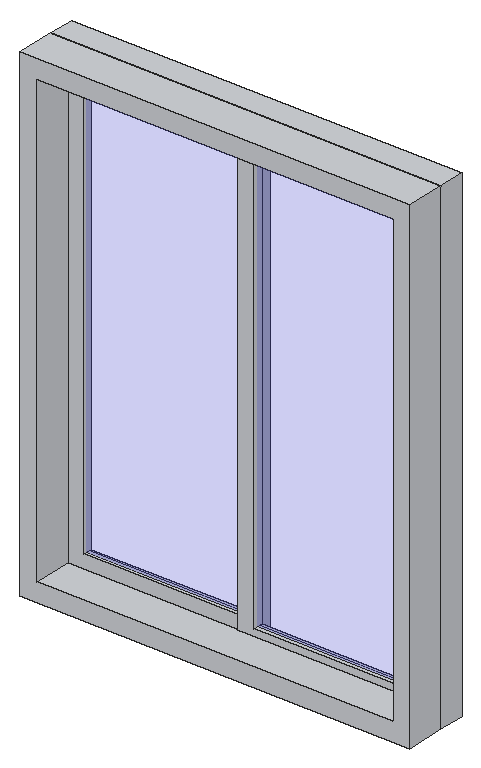
Revit family "auto-Window-sliding", category 窗, Revit 2020
Family settings
  主体 = 墙
  总是垂直 = 是
  加载时剪切的空心 = 否
  共享 = 否
  房间计算点 = 否
Parameters (values of type "1200 x 1500mm")
  窗扇框宽度 = 50 mm
  窗扇框厚度 = 30 mm
  Visual Light Transmittance = 0.9
  Solar Heat Gain Coefficient = 0.78
  Rough Width = 宽度  # 1200 mm
  Rough Height = 高度  # 1500 mm
  构造类型 ID = ""
  高窗平面 [instance] = not(通用窗平面)  # no
  传热系数(U) = 3.6886 W/(m²·K)
  玻璃 = none
  通用窗平面 [instance] = yes
  框架宽度 = 25 mm
  框架材质 = none
  Assembly Code = ""
  高度 = 1500 mm
  窗扇框材质 = none
  默认窗台高度 = 600 mm
  墙闭合 = 按主体
  宽度 = 1200 mm
  窗嵌入 = 20 mm
  分析构造 = 1/8 英寸 Pilkington 单层玻璃
Reference planes
  plane 1: y = 13.127
  plane 2: z = 0
  plane 3 "中心(左/右)": x = 9.525
  plane 4 "左": x = -590.475
  plane 5 "右": x = 609.525
  plane 6 "窗台": z = 600
  plane 7 "水头": z = 2100
  plane 8: x = 584.525
  plane 9: z = 2075
  plane 10: z = 625
  plane 11 "外部": y = 33.127
  plane 12 "内部": y = -166.873
  plane 13: x = 34.525
  plane 14: x = -15.475
  plane 15: x = 534.525
  plane 16: x = -515.475
  plane 17: x = -565.475
  plane 18: x = 559.525
  plane 19 "轴线": y = -16.873
  plane 20: y = -46.873
  plane 21: z = 1350
  plane 22: x = -540.475
  plane 23: z = 2045
  plane 24: z = 2025
  plane 25: y = -31.873
  plane 26: y = -1.873
  plane 27: z = 675
  plane 28: z = 655
  plane 29 "中心(前/后)": y = -66.873
  plane 30: z = 585
  plane 31: y = -46.873
  plane 32: y = -86.873
  plane 33: x = 284.525
  plane 34: x = -265.475
Forms (mm)
  Extrusion 1, solid, material <- "框架材质"
    sketch origin (0, 0, 0) x (0, 0, -1) y (1, 0, 0)
      loop
        line (-2100, 609.525) -> (-2100, -590.475) -> (-600, -590.475) -> (-600, 609.525) -> (-2100, 609.525)
      loop
        line (-2075, -565.475) -> (-625, -565.475) -> (-625, 584.525) -> (-2075, 584.525) -> (-2075, -565.475)
    from -33.127 to 46.873
  Extrusion 2, solid, material <- "窗扇框材质"
    sketch origin (0, 0, 0) x (0, 0, -1) y (1, 0, 0)
      loop
        line (-2075, 584.525) -> (-2075, -15.475) -> (-625, -15.475) -> (-625, 584.525) -> (-2075, 584.525)
      loop
        line (-2025, 534.525) -> (-2025, 34.525) -> (-675, 34.525) -> (-675, 534.525) -> (-2025, 534.525)
    from 16.873 to 46.873
  Extrusion 3, solid, material <- "窗扇框材质"
    sketch origin (0, 0, 0) x (0, 0, -1) y (1, 0, 0)
      loop
        line (-625, -565.475) -> (-625, 34.525) -> (-2075, 34.525) -> (-2075, -565.475) -> (-625, -565.475)
      loop
        line (-675, -515.475) -> (-675, -15.475) -> (-2025, -15.475) -> (-2025, -515.475) -> (-675, -515.475)
    from -13.127 to 16.873
  Extrusion 4, solid, material <- "框架材质"
    sketch origin (0, 33.127, 0) x (0, 0, 1) y (1, 0, 0)
      loop
        line (2100, 609.525) -> (600, 609.525) -> (600, -590.475) -> (2100, -590.475) -> (2100, 609.525)
      loop
        line (2045, -540.475) -> (2045, 559.525) -> (655, 559.525) -> (655, -540.475) -> (2045, -540.475)
    from -200 to -80
  Extrusion 5, solid, material <- "玻璃"
    sketch origin (0, 33.127, 0) x (0, 0, 1) y (1, 0, 0)
      loop
        line (2025, 534.525) -> (675, 534.525) -> (675, 34.525) -> (2025, 34.525) -> (2025, 534.525)
    from -70 to -60
  Extrusion 6, solid, material <- "玻璃"
    sketch origin (0, 33.127, 0) x (0, 0, 1) y (1, 0, 0)
      loop
        line (2025, -15.475) -> (675, -15.475) -> (675, -515.475) -> (2025, -515.475) -> (2025, -15.475)
    from -40 to -30
Lines and regions (mm)
  Opening 1
    outline origin (-1705.917, -166.873, 0) x (1, 0, 0) y (0, 0, 1)
      loop
        line (1115.442, 2100) -> (1115.442, 600) -> (2315.442, 600) -> (2315.442, 2100) -> (1115.442, 2100)
  Masking region 1, visible <- "通用窗平面"
    outline origin (0, 0, 0) x (1, 0, 0) y (0, 1, 0)
      loop
        line (-590.475, 33.127) -> (-590.475, -166.873) -> (609.525, -166.873) -> (609.525, 33.127) -> (-590.475, 33.127)
  Masking region 2
    outline origin (9.525, 0, 0) x (0, 1, 0) y (0, 0, 1)
      loop
        line (-166.873, 2100) -> (-166.873, 600) -> (33.127, 600) -> (33.127, 2100) -> (-166.873, 2100)
  symbolic lines, style "平/剖面打开方向 - 实线", visible <- "通用窗平面"
    curve 1: line (-590.475, 33.127, 0) -> (609.525, 33.127, 0)
    curve 2: line (-590.475, -166.873, 0) -> (-590.475, 33.127, 0)
    curve 3: line (609.525, -166.873, 0) -> (-590.475, -166.873, 0)
    curve 4: line (609.525, 33.127, 0) -> (609.525, -166.873, 0)
    curve 5: line (-590.475, -46.873, 0) -> (609.525, -46.873, 0)
    curve 6: line (609.525, -86.873, 0) -> (-590.475, -86.873, 0)
  symbolic lines, style "平面打开方向 - 划线", visible <- "高窗平面"
    curve 7: line (-590.475, 33.127, 0) -> (-590.475, -166.873, 0)
    curve 8: line (609.525, 33.127, 0) -> (609.525, -166.873, 0)
    curve 9: line (609.525, -46.873, 0) -> (-590.475, -46.873, 0)
    curve 10: line (-590.475, -86.873, 0) -> (609.525, -86.873, 0)
  symbolic lines, style "InvisibleLines"
    curve 11: line (9.525, 33.127, 2100) -> (9.525, 33.127, 600)
  symbolic lines, style "立面打开方向 - 实线"
    curve 12: line (434.525, 33.127, 1350) -> (134.525, 33.127, 1350)
    curve 13: line (134.525, 33.127, 1350) -> (228.494, 33.127, 1384.202)
    curve 14: line (134.525, 33.127, 1350) -> (228.494, 33.127, 1315.798)
    curve 15: line (-415.475, 33.127, 1350) -> (-115.475, 33.127, 1350)
    curve 16: line (-115.475, 33.127, 1350) -> (-209.444, 33.127, 1384.202)
    curve 17: line (-115.475, 33.127, 1350) -> (-209.444, 33.127, 1315.798)
  symbolic lines, style "平/剖面打开方向 - 实线"
    curve 18: line (9.525, -166.873, 2100) -> (9.525, 33.127, 2100)
    curve 19: line (9.525, -166.873, 600) -> (9.525, -166.873, 2100)
    curve 20: line (9.525, 33.127, 600) -> (9.525, -166.873, 600)
    curve 21: line (9.525, 33.127, 2100) -> (9.525, 33.127, 600)
    curve 22: line (9.525, -86.873, 2100) -> (9.525, -86.873, 600)
    curve 23: line (9.525, -46.873, 2100) -> (9.525, -46.873, 600)
Text (mm)
  text "EXTERIOR" at (-1490.695, 430.209, 0), in view "参照标高"
  text "INTERIOR" at (-1490.695, -546.194, 0), in view "参照标高"
  text "外部" at (0, 1108.87, 3129.179), in view "左"
  text "外部" at (0, 464.664, 3176.206), in view "右"
Dimensions and locks
  equal spacing: plane 4 "左", plane 3 "中心(左/右)", plane 5 "右"
  "宽度": plane 4 "左" to plane 5 "右"
  "高度": plane 6 "窗台" to plane 7 "水头"
  "默认窗台高度": plane 2 to plane 6 "窗台"
  locked: plane 11 "外部" to host wall
  locked: plane 12 "内部" to host wall
  locked: plane 2 to host wall
  "框架宽度": plane 4 "左" to plane 17
  "框架宽度": plane 8 to plane 5 "右"
  locked: plane 17 to plane 22 at 25
  plane 18 to plane 8 = 25 mm
  "窗嵌入": plane 1 to plane 11 "外部"
  equal spacing: plane 20, plane 19 "轴线", plane 1
  "窗扇框宽度": plane 17 to plane 16
  "窗扇框宽度": plane 15 to plane 8
  equal spacing: plane 14, plane 3 "中心(左/右)", plane 13
  "窗扇框宽度": plane 14 to plane 13
  "框架宽度": plane 9 to plane 7 "水头"
  locked: plane 23 to plane 9 at 30
  "窗扇框宽度": plane 24 to plane 9
  equal spacing: Extrusion 5, plane 25, Extrusion 5
  locked: Extrusion 5 to Extrusion 5 at 10
  equal spacing: Extrusion 6, plane 26, Extrusion 6
  locked: Extrusion 6 to Extrusion 6 at 10
  plane 19 "轴线" to plane 1 = 30 mm
  equal spacing: plane 19 "轴线", plane 26, plane 1
  equal spacing: plane 20, plane 25, plane 19 "轴线"
  "框架宽度": plane 6 "窗台" to plane 10
  locked: plane 10 to plane 28 at 30
  "窗扇框宽度": plane 10 to plane 27
  locked: plane 28 to plane 30 at 70
  equal spacing: plane 31, plane 29 "中心(前/后)", plane 32
  locked: plane 31 to plane 32 at 40
  equal spacing: plane 27, plane 21, plane 24
  equal spacing: plane 15, plane 33, plane 13
  equal spacing: plane 14, plane 34, plane 16
  locked: plane 33 to curve 12 at 150
  locked: curve 12 to plane 33 at 150
  locked: curve 14 to curve 13 at 100
  locked: curve 14 to curve 14 at 100
  locked: plane 34 to curve 17 at 150
  locked: curve 15 to plane 34 at 150
  locked: curve 17 to curve 16 at 100
  locked: curve 17 to curve 17 at 100
  locked: curve 13 to plane 21 (angle 20.00°)
  locked: plane 21 to curve 14 (angle 20.00°)
  locked: plane 21 to curve 16 (angle 20.00°)
  locked: curve 17 to plane 21 (angle 20.00°)
  aligned and locked: plane 7 "水头" to Opening 1 sketch curve
  aligned and locked: plane 6 "窗台" to Opening 1 sketch curve  (x2)
  aligned and locked: plane 5 "右" to Opening 1 sketch curve
  aligned and locked: plane 4 "左" to Opening 1 sketch curve
  aligned and locked: host wall to Extrusion 1  (x2)
  aligned and locked: Extrusion 3 to plane 1
  aligned and locked: Extrusion 2 sketch curve to plane 14
  aligned and locked: plane 13 to Extrusion 3 sketch curve
  aligned and locked: Extrusion 3 sketch curve to plane 9
  aligned and locked: Extrusion 2 to Extrusion 3
  aligned: Extrusion 1 to Extrusion 2
  aligned: plane 12 "内部" to Extrusion 1
  aligned and locked: Extrusion 2 to plane 20
  aligned and locked: plane 1 to Extrusion 3  (x2)
  aligned and locked: Extrusion 1 sketch curve to host wall  (x2)
  aligned and locked: plane 4 "左" to Extrusion 1 sketch curve
  aligned and locked: Extrusion 1 sketch curve to plane 17
  aligned and locked: Extrusion 1 to plane 20
  aligned and locked: Extrusion 1 to plane 11 "外部"
  aligned and locked: plane 20 to Extrusion 1
  aligned and locked: plane 8 to Extrusion 1 sketch curve
  aligned and locked: Extrusion 1 sketch curve to plane 9
  aligned and locked: plane 16 to Extrusion 3 sketch curve
  aligned and locked: Extrusion 3 sketch curve to plane 17
  aligned and locked: Extrusion 3 sketch curve to plane 14
  aligned and locked: plane 8 to Extrusion 2 sketch curve
  aligned and locked: Extrusion 2 sketch curve to plane 9
  aligned and locked: plane 20 to Extrusion 2
  aligned and locked: plane 19 "轴线" to Extrusion 3
  aligned and locked: Extrusion 2 to plane 19 "轴线"
  aligned and locked: host wall to Extrusion 4 sketch curve
  aligned and locked: Extrusion 4 sketch curve to Extrusion 1
  aligned and locked: Extrusion 4 sketch curve to plane 22
  aligned and locked: Extrusion 4 sketch curve to plane 18
  aligned and locked: plane 20 to Extrusion 4
  aligned and locked: plane 12 "内部" to Extrusion 4
  aligned and locked: Extrusion 3 sketch curve to plane 24
  aligned and locked: Extrusion 5 sketch curve to plane 15
  aligned and locked: plane 13 to Extrusion 5 sketch curve
  aligned and locked: Extrusion 5 sketch curve to plane 24
  aligned and locked: Extrusion 6 sketch curve to plane 14
  aligned and locked: plane 16 to Extrusion 6 sketch curve
  aligned and locked: Extrusion 6 sketch curve to plane 24
  aligned and locked: Extrusion 2 sketch curve to plane 24
  aligned and locked: plane 7 "水头" to Extrusion 4 sketch curve
  aligned and locked: plane 23 to Extrusion 4 sketch curve
  aligned and locked: Extrusion 4 sketch curve to plane 6 "窗台"
  aligned and locked: Extrusion 1 sketch curve to plane 6 "窗台"
  aligned and locked: Extrusion 1 sketch curve to plane 10
  aligned and locked: plane 28 to Extrusion 4 sketch curve
  aligned and locked: Extrusion 2 sketch curve to plane 10
  aligned and locked: plane 27 to Extrusion 2 sketch curve
  aligned and locked: Extrusion 3 sketch curve to plane 10
  aligned and locked: plane 27 to Extrusion 3 sketch curve
  aligned and locked: plane 27 to Extrusion 5 sketch curve
  aligned and locked: plane 27 to Extrusion 6 sketch curve
  aligned and locked: plane 11 "外部" to Masking region 1 sketch curve
  aligned and locked: Masking region 1 sketch curve to plane 4 "左"
  aligned and locked: Masking region 1 sketch curve to plane 12 "内部"
  aligned and locked: plane 5 "右" to Masking region 1 sketch curve
  aligned and locked: plane 11 "外部" to curve 1
  aligned and locked: curve 2 to plane 4 "左"
  aligned and locked: curve 3 to plane 12 "内部"
  aligned and locked: curve 5 to plane 31
  aligned and locked: curve 6 to plane 32
  aligned and locked: plane 31 to curve 9
  aligned and locked: plane 32 to curve 10
  aligned and locked: plane 5 "右" to curve 8
  aligned and locked: plane 4 "左" to curve 7
  aligned and locked: plane 3 "中心(左/右)" to curve 11
  aligned and locked: curve 12 to plane 21
  aligned and locked: plane 21 to curve 14
  aligned and locked: plane 21 to curve 15
  aligned and locked: plane 21 to curve 17
  aligned and locked: plane 7 "水头" to Masking region 2 sketch curve
  aligned and locked: Masking region 2 sketch curve to plane 12 "内部"
  aligned and locked: Masking region 2 sketch curve to plane 6 "窗台"
  aligned and locked: plane 11 "外部" to Masking region 2 sketch curve
  aligned and locked: plane 7 "水头" to curve 18
  aligned and locked: curve 19 to plane 12 "内部"
  aligned and locked: curve 20 to plane 6 "窗台"
  aligned and locked: plane 11 "外部" to curve 21
  aligned and locked: plane 32 to curve 22
  aligned and locked: curve 23 to plane 31
Automatic sketch dimensions
  Extrusion 2 sketch curve to plane 15 = 0 mm
  Extrusion 2 sketch curve to plane 13 = 0 mm
  curve 11 to Extrusion 1 = 0 mm  (x2)
